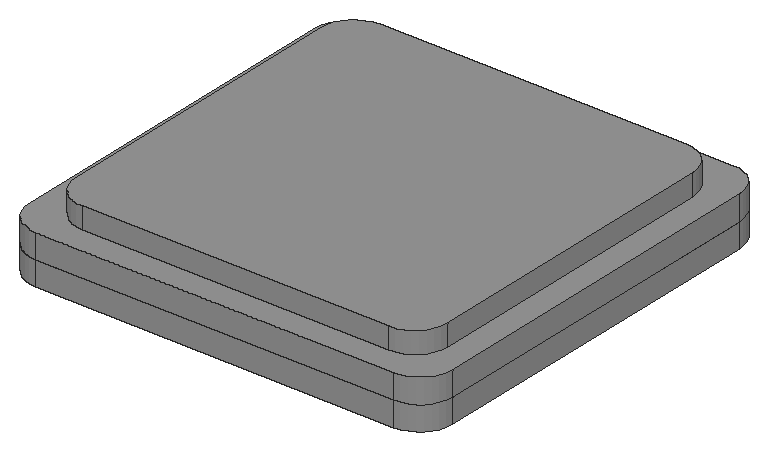
Revit family "FMS2_63_UN_Surface-mounted_ETK", category Lighting Fixtures, Revit 2019 (continued)
Definition of nested family "FMS.2 - Lightsource"
  Types (14, lengths in mm): name | Wattage Comments | Wattage | built-in parameter 1150134 | Photometric Web File | built-in parameter 1150142 | built-in parameter 1150105 | Lumens | built-in parameter 1150107 | built-in parameter 1150106 | Apparent Load
      0936\t980.8074\t980.235\t979.6626\t978.804\r\n977.9454\t976.8006\t975.942\t974.7972\t973.9386\t972.7938\t971.649\t970.5042\t969.0732\t967.9284\r\n966.7836\t965.3526\t963.9216\t962.7768\t961.0596\t959.3424\t957.9114\t956.1942\t954.7632\t951.9012\r\n949.0392\t946.1772\t943.3152\t940.167\t937.0188\t933.8706\t930.4362\t927.288\t923.8536\t920.7054\r\n917.5572\t914.409\t910.9746\t907.5402\t903.8196\t900.099\t896.6646\t892.944\t889.2234\t885.5028\r\n882.0684\t878.3478\t874.341\t870.6204\t866.8998\t862.3206\t857.4552\t852.5898\t847.4382\t842.0004\r\n836.8488\t831.411\t826.2594\t821.1078\t815.9562\t810.8046\t805.653\t800.5014\t795.3498\t789.912\r\n784.7604\t779.6088\t774.4572\t769.5918\t764.4402\t758.7162\t753.2784\t747.8406\t742.4028\t736.3926\r\n730.0962\t723.5136\t716.931\t710.3484\t704.052\t697.4694\t690.8868\t684.3042\t678.0078\t671.4252\r\n665.1288\t658.5462\t651.9636\t645.6672\t639.0846\t632.502\t625.9194\t619.3368\t612.7542\t606.1716\r\n599.3028\t591.8616\t584.7066\t577.2654\t570.1104\t562.6692\t555.228\t548.073\t540.6318\t533.1906\r\n525.7494\t518.3082\t510.867\t503.4258\t496.2708\t488.8296\t481.6746\t474.5196\t467.3646\t459.9234\r\n452.196\t444.1824\t436.455\t428.4414\t420.4278\t412.7004\t404.6868\t396.9594\t389.232\t381.2184\r\n373.491\t365.7636\t358.0362\t350.3088\t342.5814\t334.854\t327.1266\t319.113\t311.3856\t303.6582\r\n295.9308\t288.2034\t280.4474\t272.7772\t265.1357\t257.5228\t249.9098\t242.3255\t234.7699\t227.2428\r\n219.7157\t212.2173\t205.1482\t198.1363\t191.153\t184.1697\t177.2437\t170.289\t163.3916\t156.4942\r\n149.5967\t142.7279\t135.8591\t129.0476\t122.2074\t115.4245\t106.7812\t91.355\t75.9289\t60.4741\r\n45.0479\t29.6217\t14.1955\t0\t0\t0\t0\t0\t0\t0\r\n0\r\n985.1004\t983.9556\t983.097\t981.9522\t981.3798\t981.0936\t980.5212\t979.9488\t979.3764\t978.804\r\n977.9454\t976.8006\t975.942\t974.7972\t973.9386\t972.7938\t971.9352\t970.7904\t969.6456\t968.5008\r\n967.0698\t965.925\t964.7802\t963.6354\t962.2044\t961.0596\t959.3424\t956.4804\t953.6184\t950.7564\r\n947.8944\t945.0324\t942.1704\t939.3084\t936.4464\t933.2982\t930.15\t927.0018\t923.8536\t920.7054\r\n917.5572\t914.1228\t910.9746\t907.8264\t904.6782\t901.53\t898.0956\t894.9474\t891.513\t887.7924\r\n884.0718\t880.3512\t875.4858\t870.9066\t866.0412\t861.1758\t856.3104\t851.445\t846.5796\t841.7142\r\n836.8488\t831.9834\t826.8318\t821.9664\t817.101\t812.2356\t807.084\t801.9324\t797.067\t791.9154\r\n786.7638\t781.6122\t776.7468\t771.309\t766.1574\t759.861\t753.5646\t747.2682\t740.9718\t734.6754\r\n728.9514\t722.9412\t716.931\t710.6346\t704.3382\t698.0418\t691.7454\t685.1628\t678.8664\t672.2838\r\n665.9874\t659.691\t653.3946\t647.3844\t641.088\t634.7916\t627.6366\t620.4816\t613.0404\t605.8854\r\n598.7304\t591.5754\t584.4204\t577.2654\t570.1104\t562.9554\t555.8004\t548.6454\t541.4904\t534.3354\r\n527.4666\t520.3116\t513.1566\t506.0016\t499.1328\t491.6916\t483.9642\t476.2368\t468.5094\t460.782\r\n453.0546\t445.3272\t437.3136\t429.5862\t421.5726\t413.8452\t406.1178\t398.3904\t390.663\t382.9356\r\n375.4944\t368.0532\t360.3258\t352.5984\t344.5848\t336.8574\t328.8438\t321.1164\t313.1028\t305.3754\r\n297.648\t289.9206\t282.2218\t274.5517\t266.8529\t259.2113\t251.5698\t243.9283\t236.2867\t228.731\r\n221.576\t214.421\t207.2947\t200.1683\t193.0705\t186.0014\t178.9609\t171.9203\t164.9084\t157.8965\r\n150.8846\t143.9014\t136.9467\t129.992\t123.0374\t112.82\t97.4225\t82.0249\t66.656\t51.2584\r\n35.8609\t20.4862\t5.1001\t0\t0\t0\t0\t0\t0\t0\r\n0\r\n985.1004\t983.9556\t983.097\t981.9522\t981.3798\t980.8074\t980.235\t979.6626\t979.0902\t978.5178\r\n977.9454\t977.0868\t975.942\t975.0834\t974.2248\t973.08\t972.2214\t971.0766\t970.218\t969.0732\r\n967.6422\t966.4974\t965.3526\t964.2078\t963.3492\t961.0596\t958.1976\t955.6218\t952.7598\t949.8978\r\n947.0358\t944.1738\t941.3118\t938.4498\t935.5878\t932.7258\t929.8638\t927.0018\t924.1398\t921.2778\r\n918.1296\t914.9814\t911.8332\t908.685\t905.5368\t902.3886\t899.2404\t896.0922\t892.944\t888.3648\r\n883.7856\t879.2064\t874.6272\t870.048\t865.1826\t860.6034\t855.738\t851.1588\t846.2934\t841.7142\r\n836.8488\t832.2696\t827.4042\t822.5388\t817.6734\t812.808\t807.9426\t803.3634\t798.7842\t793.9188\r\n789.3396\t783.6156\t777.6054\t771.5952\t765.585\t759.5748\t753.5646\t747.5544\t741.258\t735.2478\r\n728.9514\t722.655\t716.6448\t710.3484\t704.3382\t698.0418\t692.0316\t686.0214\t679.725\t673.7148\r\n667.7046\t661.6944\t655.1118\t648.243\t641.3742\t634.5054\t627.3504\t620.4816\t613.6128\t606.4578\r\n599.589\t592.434\t585.279\t578.4102\t571.2552\t564.3864\t557.2314\t550.3626\t543.4938\t536.625\r\n529.47\t522.6012\t514.5876\t506.8602\t499.1328\t491.4054\t483.678\t475.9506\t468.5094\t460.782\r\n453.3408\t445.6134\t438.1722\t430.4448\t423.0036\t415.2762\t407.5488\t400.1076\t392.6664\t384.939\r\n377.2116\t369.4842\t361.4706\t353.7432\t346.0158\t338.0022\t330.2748\t322.5474\t314.82\t307.0926\r\n299.3652\t291.6378\t283.7673\t276.0685\t268.3697\t260.671\t253.0008\t245.3879\t238.147\t230.9062\r\n223.6653\t216.4244\t209.2122\t202.0286\t194.845\t187.6613\t180.4777\t173.3227\t166.1677\t159.0413\r\n151.915\t144.7886\t137.6908\t130.5931\t119.8606\t104.4916\t89.1227\t73.7537\t58.4134\t43.0445\r\n27.6784\t12.3152\t0\t0\t0\t0\t0\t0\t0\t0\r\n0\r\n985.1004\t983.9556\t983.097\t982.2384\t981.0936\t980.5212\t979.9488\t979.3764\t978.804\t978.2316\r\n977.6592\t976.8006\t976.2282\t975.3696\t974.2248\t973.3662\t972.5076\t971.649\t970.5042\t969.6456\r\n968.787\t967.6422\t966.4974\t965.0664\t962.4906\t959.9148\t957.339\t954.7632\t952.1874\t949.3254\r\n946.7496\t943.8876\t941.0256\t938.1636\t935.5878\t932.7258\t929.8638\t927.0018\t924.1398\t921.2778\r\n918.4158\t915.5538\t912.6918\t909.8298\t906.9678\t903.8196\t900.3852\t896.0922\t891.513\t887.22\r\n882.6408\t878.0616\t873.4824\t869.1894\t864.6102\t860.031\t855.738\t851.1588\t846.5796\t842.0004\r\n837.4212\t832.5558\t827.9766\t823.3974\t818.8182\t814.239\t809.6598\t805.3668\t799.929\t793.9188\r\n788.1948\t782.1846\t776.4606\t770.4504\t764.7264\t758.7162\t752.9922\t746.982\t741.258\t735.534\r\n729.5238\t723.7998\t718.0758\t712.0656\t706.0554\t700.0452\t694.3212\t688.311\t682.3008\t675.432\r\n668.5632\t661.6944\t654.8256\t647.9568\t641.088\t634.2192\t627.3504\t620.4816\t613.6128\t606.744\r\n599.8752\t593.2926\t586.4238\t579.555\t572.9724\t566.1036\t559.2348\t552.6522\t545.7834\t538.3422\r\n530.6148\t522.8874\t515.16\t507.7188\t499.9914\t492.264\t484.8228\t477.3816\t469.6542\t462.213\r\n454.7718\t447.0444\t439.6032\t432.162\t424.4346\t416.9934\t409.5522\t401.8248\t394.0974\t386.0838\r\n378.3564\t370.629\t362.6154\t354.888\t347.1606\t339.147\t331.4196\t323.6922\t315.9648\t307.9512\r\n300.2238\t292.4964\t284.8835\t277.1847\t269.4859\t261.7871\t254.489\t247.1623\t239.8642\t232.5661\r\n225.268\t217.9985\t210.7004\t203.431\t196.1615\t188.892\t181.6225\t174.3817\t167.1408\t159.8999\r\n152.6877\t145.4755\t138.2346\t128.0745\t112.7056\t97.3366\t81.9677\t66.5987\t51.2298\t35.8609\r\n20.5005\t5.1344\t0\t0\t0\t0\t0\t0\t0\t0\r\n0\r\n985.1004\t983.9556\t983.097\t982.2384\t981.3798\t980.5212\t979.9488\t979.3764\t978.804\t977.9454\r\n977.373\t976.5144\t975.942\t975.0834\t974.511\t973.6524\t972.7938\t971.9352\t971.0766\t970.218\r\n969.0732\t968.2146\t967.356\t964.7802\t962.2044\t959.6286\t956.7666\t954.1908\t951.3288\t948.753\r\n946.1772\t943.6014\t940.7394\t938.1636\t935.5878\t932.7258\t929.8638\t927.288\t924.426\t921.564\r\n918.9882\t916.1262\t913.5504\t910.6884\t907.5402\t903.5334\t899.2404\t894.9474\t890.6544\t886.3614\r\n882.0684\t877.7754\t873.4824\t869.1894\t864.8964\t860.6034\t856.3104\t851.7312\t847.4382\t843.1452\r\n838.566\t833.9868\t829.4076\t824.8284\t820.2492\t815.9562\t810.2322\t804.5082\t798.7842\t793.0602\r\n787.6224\t781.6122\t775.8882\t770.4504\t764.7264\t759.0024\t753.2784\t747.5544\t741.8304\t735.8202\r\n730.0962\t724.086\t718.362\t712.638\t706.914\t701.4762\t695.466\t688.5972\t682.0146\t675.1458\r\n668.5632\t661.9806\t655.1118\t648.5292\t641.6604\t635.0778\t628.209\t621.6264\t614.7576\t608.175\r\n601.3062\t594.7236\t587.8548\t581.2722\t574.4034\t567.8208\t560.6658\t553.2246\t545.4972\t538.056\r\n530.6148\t522.8874\t515.4462\t508.005\t500.5638\t492.8364\t485.3952\t477.954\t470.5128\t463.0716\r\n455.6304\t448.1892\t440.748\t433.3068\t425.8656\t418.4244\t410.4108\t402.6834\t394.956\t386.9424\r\n379.215\t371.4876\t363.7602\t355.7466\t348.0192\t340.2918\t332.5644\t324.837\t317.1096\t309.3822\r\n301.3686\t293.6412\t286.0283\t278.2723\t270.7166\t263.3326\t255.9487\t248.5647\t241.2094\t233.854\r\n226.4987\t219.1433\t211.8166\t204.4613\t197.1346\t189.8078\t182.5097\t175.183\t167.8563\t160.5582\r\n153.2601\t145.962\t137.376\t121.9784\t106.6095\t91.2406\t75.843\t60.4741\t45.1051\t29.7076\r\n14.3443\t0\t0\t0\t0\t0\t0\t0\t0\t0\r\n0\r\n985.1004\t984.2418\t983.097\t982.2384\t981.3798\t980.5212\t979.9488\t979.0902\t978.5178\t977.9454\r\n977.0868\t976.5144\t975.6558\t975.0834\t974.2248\t973.6524\t972.7938\t972.2214\t971.3628\t970.5042\r\n969.6456\t968.787\t966.7836\t964.2078\t961.632\t959.0562\t956.7666\t954.1908\t951.615\t949.0392\r\n946.4634\t943.6014\t941.0256\t938.1636\t935.5878\t933.012\t930.15\t927.5742\t924.9984\t922.4226\r\n919.5606\t916.9848\t914.1228\t910.6884\t906.3954\t902.1024\t898.0956\t893.8026\t889.5096\t885.5028\r\n881.2098\t877.203\t872.91\t868.9032\t864.6102\t860.6034\t856.3104\t852.0174\t847.7244\t843.4314\r\n839.4246\t835.1316\t830.8386\t826.5456\t821.1078\t815.67\t809.946\t804.5082\t798.7842\t793.0602\r\n787.3362\t781.6122\t775.8882\t770.4504\t764.7264\t759.0024\t753.2784\t747.5544\t741.8304\t736.1064\r\n730.3824\t724.6584\t718.9344\t713.4966\t707.4864\t700.9038\t694.6074\t688.0248\t681.4422\t674.8596\r\n668.5632\t661.6944\t655.1118\t648.5292\t641.9466\t635.364\t628.7814\t622.1988\t615.33\t608.7474\r\n602.1648\t595.296\t588.7134\t582.1308\t575.262\t567.8208\t560.3796\t552.9384\t545.4972\t538.056\r\n530.6148\t523.1736\t515.7324\t508.5774\t501.1362\t493.695\t486.2538\t479.0988\t471.6576\t464.2164\r\n456.7752\t449.334\t441.8928\t434.4516\t426.7242\t418.9968\t410.9832\t403.2558\t395.5284\t387.801\r\n380.0736\t372.06\t364.3326\t356.6052\t348.8778\t341.1504\t333.423\t325.6956\t317.9682\t310.2408\r\n302.5134\t294.786\t287.0586\t279.5602\t272.1476\t264.7064\t257.2938\t249.8526\t242.44\t235.0274\r\n227.6149\t220.2023\t212.8183\t205.4344\t198.0218\t190.6378\t183.2539\t175.8699\t168.5146\t161.1306\r\n153.7753\t146.3913\t132.482\t117.0558\t101.6582\t86.2607\t70.8631\t55.4656\t40.0394\t24.6475\r\n9.2471\t0\t0\t0\t0\t0\t0\t0\t0\t0\r\n0\r\n985.1004\t984.2418\t983.3832\t982.5246\t981.666\t980.8074\t979.9488\t979.0902\t978.5178\t977.9454\r\n977.0868\t976.5144\t975.6558\t975.0834\t974.2248\t973.6524\t972.7938\t971.9352\t971.3628\t970.5042\r\n969.9318\t968.5008\t966.2112\t963.6354\t961.3458\t958.77\t956.1942\t953.6184\t951.3288\t948.753\r\n946.1772\t943.6014\t941.3118\t938.736\t936.1602\t933.5844\t931.0086\t928.4328\t925.857\t923.2812\r\n920.7054\t917.8434\t914.1228\t910.116\t905.823\t901.8162\t897.5232\t893.5164\t889.2234\t885.2166\r\n881.2098\t876.9168\t872.91\t868.9032\t864.6102\t860.6034\t856.5966\t852.5898\t848.2968\t844.0038\r\n839.997\t835.704\t831.1248\t825.687\t820.2492\t814.8114\t809.0874\t803.6496\t798.2118\t792.774\r\n787.05\t781.6122\t776.1744\t770.4504\t765.0126\t759.2886\t753.8508\t748.1268\t742.689\t736.965\r\n731.5272\t725.8032\t720.0792\t713.4966\t707.2002\t700.6176\t694.035\t687.4524\t680.8698\t674.5734\r\n667.9908\t661.4082\t655.1118\t648.5292\t641.9466\t635.6502\t629.0676\t622.485\t615.9024\t609.606\r\n603.0234\t596.4408\t590.1444\t582.7032\t575.262\t567.8208\t560.6658\t553.2246\t545.7834\t538.3422\r\n531.1872\t523.746\t516.3048\t508.8636\t501.7086\t494.2674\t486.8262\t479.6712\t472.23\t464.7888\r\n457.6338\t450.1926\t442.7514\t435.024\t427.2966\t419.5692\t411.8418\t403.8282\t396.1008\t388.3734\r\n380.646\t372.9186\t365.1912\t357.4638\t349.7364\t342.009\t334.2816\t326.5542\t318.8268\t311.0994\r\n303.0858\t295.3584\t287.9172\t280.476\t273.0062\t265.565\t258.0952\t250.654\t243.2128\t235.7429\r\n228.3017\t220.8605\t213.4193\t205.9781\t198.5369\t191.0957\t183.6832\t176.242\t168.8008\t161.3882\r\n153.947\t143.8727\t128.4752\t113.0776\t97.6514\t82.2539\t66.8563\t51.4301\t36.0326\t20.6293\r\n5.2232\t0\t0\t0\t0\t0\t0\t0\t0\t0\r\n0\r\n985.1004\t984.2418\t983.3832\t982.5246\t981.666\t981.0936\t980.235\t979.3764\t978.804\t977.9454\r\n977.373\t976.5144\t975.942\t975.3696\t974.511\t973.9386\t973.08\t972.5076\t971.649\t970.7904\r\n970.218\t968.2146\t965.6388\t963.063\t960.7734\t958.1976\t955.908\t953.3322\t951.0426\t948.4668\r\n945.891\t943.6014\t941.0256\t938.736\t936.1602\t933.8706\t931.2948\t928.719\t926.1432\t923.8536\r\n921.2778\t918.1296\t913.8366\t909.8298\t905.823\t901.8162\t897.8094\t893.8026\t889.5096\t885.5028\r\n881.496\t877.4892\t873.1962\t869.1894\t864.8964\t860.8896\t856.8828\t852.5898\t848.583\t844.5762\r\n840.2832\t835.9902\t830.2662\t824.8284\t819.3906\t813.9528\t808.515\t803.0772\t797.6394\t792.4878\r\n787.05\t781.6122\t776.1744\t770.7366\t765.2988\t759.861\t754.4232\t748.9854\t743.5476\t738.1098\r\n732.672\t727.2342\t720.6516\t714.069\t707.4864\t700.9038\t694.6074\t688.0248\t681.4422\t674.8596\r\n668.277\t661.9806\t655.398\t648.8154\t642.2328\t635.9364\t629.3538\t622.7712\t616.4748\t609.8922\r\n603.3096\t596.727\t589.572\t582.1308\t574.9758\t567.8208\t560.3796\t553.2246\t545.7834\t538.6284\r\n531.1872\t524.0322\t516.591\t509.436\t501.9948\t494.8398\t487.3986\t480.2436\t472.8024\t465.6474\r\n458.2062\t450.765\t443.0376\t435.3102\t427.5828\t419.8554\t412.128\t404.4006\t396.6732\t388.6596\r\n380.9322\t373.2048\t365.4774\t357.75\t350.0226\t342.2952\t334.5678\t326.8404\t319.113\t311.0994\r\n303.372\t295.9308\t288.4896\t280.9053\t273.4355\t265.937\t258.4672\t250.9974\t243.5276\t236.0578\r\n228.5879\t221.1181\t213.6769\t206.2071\t198.7373\t191.2675\t183.8263\t176.3564\t168.8866\t161.4454\r\n153.9756\t140.9535\t125.5559\t110.1298\t94.7322\t79.3346\t63.9371\t48.5395\t33.142\t17.7301\r\n2.3285\t0\t0\t0\t0\t0\t0\t0\t0\t0\r\n0\r\n985.1004\t984.2418\t983.3832\t982.8108\t981.9522\t981.0936\t980.5212\t979.6626\t978.804\t978.2316\r\n977.373\t976.8006\t975.942\t975.3696\t974.7972\t973.9386\t973.3662\t972.7938\t971.9352\t971.3628\r\n970.7904\t968.5008\t965.925\t963.6354\t961.0596\t958.4838\t956.1942\t953.6184\t951.0426\t948.4668\r\n946.1772\t943.6014\t941.0256\t938.736\t936.1602\t933.5844\t931.2948\t928.719\t926.4294\t923.8536\r\n921.2778\t917.5572\t913.5504\t909.5436\t905.5368\t901.53\t897.5232\t893.5164\t889.2234\t885.2166\r\n881.2098\t877.203\t873.1962\t869.1894\t865.1826\t861.1758\t857.169\t853.1622\t848.8692\t844.8624\r\n840.8556\t835.704\t830.2662\t824.8284\t819.3906\t813.9528\t808.515\t803.0772\t797.6394\t792.2016\r\n786.7638\t781.326\t775.8882\t770.4504\t765.0126\t759.5748\t754.137\t748.6992\t743.2614\t737.8236\r\n732.3858\t726.0894\t719.5068\t713.2104\t706.6278\t700.3314\t693.7488\t687.4524\t680.8698\t674.5734\r\n667.9908\t661.6944\t655.1118\t648.8154\t642.2328\t635.6502\t629.3538\t622.7712\t616.4748\t609.8922\r\n603.3096\t596.4408\t588.9996\t581.8446\t574.6896\t567.2484\t560.0934\t552.6522\t545.4972\t538.3422\r\n530.901\t523.746\t516.591\t509.1498\t501.9948\t494.5536\t487.3986\t480.2436\t472.8024\t465.6474\r\n458.2062\t450.765\t443.0376\t435.3102\t427.2966\t419.5692\t411.8418\t404.1144\t396.387\t388.6596\r\n380.9322\t373.2048\t365.4774\t357.75\t350.0226\t342.2952\t334.5678\t326.8404\t319.113\t311.3856\r\n303.6582\t296.217\t288.7758\t281.1915\t273.7217\t266.2519\t258.782\t251.3122\t243.8424\t236.3726\r\n228.8741\t221.4043\t213.9345\t206.4647\t198.9949\t191.525\t184.0552\t176.5854\t169.1156\t161.6458\r\n154.1473\t139.3222\t123.9246\t108.4984\t93.0722\t77.6747\t62.2485\t46.8223\t31.4248\t16.0014\r\n0.5838\t0\t0\t0\t0\t0\t0\t0\t0\t0\r\n0\r\n985.1004\t984.2418\t983.6694\t982.8108\t982.2384\t981.3798\t980.8074\t979.9488\t979.0902\t978.5178\r\n977.6592\t977.0868\t976.2282\t975.6558\t974.7972\t973.9386\t973.3662\t972.5076\t971.9352\t971.0766\r\n970.5042\t967.9284\t965.3526\t963.063\t960.4872\t958.1976\t955.6218\t953.3322\t950.7564\t948.4668\r\n945.891\t943.6014\t941.0256\t938.736\t936.1602\t933.5844\t931.2948\t928.719\t926.4294\t923.8536\r\n921.564\t917.5572\t913.5504\t909.5436\t905.2506\t901.2438\t897.237\t893.2302\t889.2234\t885.2166\r\n881.2098\t877.203\t873.1962\t869.1894\t865.1826\t861.1758\t856.8828\t852.876\t848.8692\t844.8624\r\n840.8556\t835.4178\t829.98\t824.5422\t819.3906\t813.9528\t808.515\t803.0772\t797.6394\t792.2016\r\n786.7638\t781.326\t775.8882\t770.4504\t765.2988\t759.861\t754.4232\t748.9854\t743.5476\t738.1098\r\n732.672\t726.3756\t719.793\t713.4966\t706.914\t700.3314\t694.035\t687.4524\t681.156\t674.5734\r\n668.277\t661.6944\t655.398\t648.8154\t642.2328\t635.9364\t629.3538\t623.0574\t616.4748\t610.1784\r\n603.5958\t596.4408\t588.9996\t581.8446\t574.6896\t567.2484\t560.0934\t552.6522\t545.4972\t538.3422\r\n530.901\t523.746\t516.591\t509.1498\t501.9948\t494.5536\t487.3986\t480.2436\t472.8024\t465.6474\r\n458.2062\t450.4788\t442.7514\t435.024\t427.2966\t419.5692\t411.8418\t404.1144\t396.387\t388.6596\r\n380.9322\t373.2048\t365.4774\t357.75\t350.0226\t342.2952\t334.5678\t326.8404\t319.113\t311.3856\r\n303.6582\t296.217\t288.7758\t281.2487\t273.7789\t266.3091\t258.8107\t251.3408\t243.871\t236.4012\r\n228.9028\t221.4329\t213.9631\t206.4933\t198.9949\t191.525\t184.0552\t176.5854\t169.087\t161.6171\r\n154.1473\t138.7211\t123.3236\t107.8974\t92.4998\t77.0737\t61.6475\t46.2499\t30.8237\t15.4147\r\n0\t0\t0\t0\t0\t0\t0\t0\t0\t0\r\n0\r\n985.1004\t984.2418\t983.6694\t982.8108\t981.9522\t981.0936\t980.5212\t979.6626\t978.804\t978.2316\r\n977.373\t976.5144\t975.942\t975.0834\t974.2248\t973.6524\t972.7938\t971.9352\t971.3628\t970.5042\r\n969.6456\t967.356\t965.0664\t962.4906\t960.201\t957.6252\t955.3356\t952.7598\t950.4702\t947.8944\r\n945.6048\t943.029\t940.7394\t938.1636\t935.874\t933.5844\t931.0086\t928.719\t926.1432\t923.8536\r\n921.2778\t917.5572\t913.5504\t909.5436\t905.5368\t901.53\t897.5232\t893.5164\t889.2234\t885.2166\r\n881.2098\t877.203\t873.1962\t868.9032\t864.8964\t860.8896\t856.8828\t852.5898\t848.583\t844.5762\r\n840.2832\t835.1316\t829.6938\t824.256\t818.8182\t813.3804\t807.9426\t802.5048\t797.067
